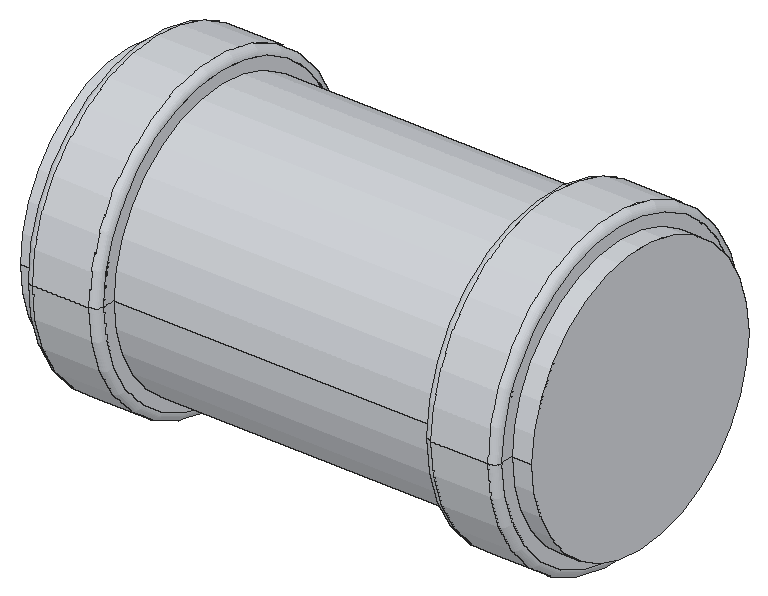
Revit family "RAUPIANO PLUS Slip-On Socket", category Pipe Fittings, Revit 2012
Parameters (values of type "Standard")
  tmin [instance] = size_lookup("RAUPIANO Pipe.csv", "tmin", 0 mm, Nominal Diameter)  # 42.3 mm
  re [instance] = de / 2  # 20 mm
  de [instance] = size_lookup("RAUPIANO Pipe.csv", "de", 0 mm, Nominal Diameter)  # 40 mm
  Type Comments = "RAU-PP; Push-fit; White"  # constant formula
  Thermal expansion coefficient [instance] = "0,09 mm/m.K"  # constant formula
  Temperature resistance [instance] = "90°C (continuous), 95°C (short term)"  # constant formula
  T8 = "DN 200"
  T7 = "DN 160"
  T6 = "DN 125"
  T5 = "DN 110"
  T4 = "DN 90"
  T3 = "DN 75"
  T2 = "DN 50"
  T1 = "DN 40"
  Spec Text [instance] = if(D = 40 mm, T1, if(D = 50 mm, T2, if(D = 75 mm, T3, if(D = 90 mm, T4, if(D = 110 mm, T5, if(D = 125 mm, T6, if(D = 160 mm, T7, if(D = 200 mm, T8, Fail))))))))  # "DN 40"
  Pressure resistance [instance] = "1 bar (100 kPa, 10m)"  # constant formula
  Materialcode SAP [instance] = if(D = 40 mm, M1, if(D = 50 mm, M2, if(D = 75 mm, M3, if(D = 90 mm, M4, if(D = 110 mm, M5, if(D = 125 mm, M6, if(D = 160 mm, M7, if(D = 200 mm, M8, Fail))))))))  # "11231541001"
  Manufacturer = "REHAU"  # constant formula
  M8 = "11237941001"
  M7 = "11240481001"
  M6 = "11204641001"
  M5 = "11215141001"
  M4 = "11233541001"
  M3 = "11215741001"
  M2 = "11215041001"
  M1 = "11231541001"
  L [instance] = size_lookup("RAUPIANO Double Socket.csv", "Lgt", 0 mm, Nominal Diameter)  # 89 mm
  Health and environmental impact [instance] = "Halogen-free (no F, Cl, Br, J) and 100% recyclable"  # constant formula
  Fire load [instance] = "14.992 kJ/kg"  # constant formula
  Fire behaviour [instance] = "B2 (DIN 4102); D,S3-d0 (EN 13501-1)"  # constant formula
  Fail = "No article found"
  Description = "REHAU RAUPIANO PLUS slip-on socket"  # constant formula
  D [instance] = Nominal Diameter  # 40 mm
  Class [instance] = "SN4"  # constant formula
  Chemical resistance [instance] = "pH 2 - 12"  # constant formula
  Belt thickness [instance] = ((Dmax / 2) - Sleeve Radius)  # 3.5 mm
  bmin [instance] = size_lookup("RAUPIANO Pipe.csv", "bmin", 0 mm, Nominal Diameter)  # 3.5 mm
  Sleeve Radius [instance] = (Dmax + de) / 4  # 23.5 mm
  Nominal Radius [instance] = 20 mm
  Nominal Diameter [instance] = Nominal Radius * 2  # 40 mm
  Loss Method = K Coefficient from Table
  built-in parameter 1114236 = (empty or 0)
  K Coefficient Table = "Reducer/Coupling/Union/Increaser"
  Dmax [instance] = size_lookup("RAUPIANO Pipe.csv", "Dmax", 0 mm, Nominal Diameter)  # 54 mm
  Belt Radius [instance] = ((Dmax / 2) - Sleeve Radius) / 2.5  # 1.4 mm
  Belt Length [instance] = 3 / 10 * tmin  # 12.69 mm
  Article No [instance] = if(D = 40 mm, A1, if(D = 50 mm, A2, if(D = 75 mm, A3, if(D = 90 mm, A4, if(D = 110 mm, A5, if(D = 125 mm, A6, if(D = 160 mm, A7, if(D = 200 mm, A8, Fail))))))))  # "123154-001"
  Application [instance] = "Not to be exposed to UV-radiation"  # constant formula
  Acoustic properties [instance] = "Rw + Ctr 42 (with industry standard suspended ceiling)"  # constant formula
  A8 = "123794-001"
  A7 = "124048-001"
  A6 = "120464-001"
  A5 = "121514-001"
  A4 = "123354-001"
  A3 = "121574-001"
  A2 = "121504-001"
  A1 = "123154-001"
Reference planes
  plane 1 "Center (Front/Back)": y = 0
  plane 2: z = 0
  plane 3 "Center (Left/Right)": x = 0
  plane 4: x = -44.5
  plane 5: x = 44.5
  plane 6: x = -41
  plane 7: x = 41
  plane 8: x = -28.31
  plane 9: x = 28.31
  plane 10: y = 23.5
  plane 11: y = -23.5
Forms (mm)
  Revolve 1, solid, detail levels fine
    sketch origin (75.4, 0, 0) x (1, 0, 0) y (0, 1, 0)
      loop
        line (-47.09, -23.5) -> (-47.09, -25.6)
        arc (-47.09, -25.6) -> (-46.68, -26.59) -> (-45.69, -27) r 1.4
        line (-45.69, -27) -> (-35.8, -27)
        arc (-35.8, -27) -> (-34.81, -26.59) -> (-34.4, -25.6) r 1.4
        line (-34.4, -25.6) -> (-34.4, -23.5) -> (-47.09, -23.5)
      axis (-34.4, 0) -> (-47.09, 0)
    angle from 0 to 360
  Sweep 2, solid, detail levels fine
    path in 3D
      loop
        line (44.5, 0, 0) -> (-44.5, 0, 0)
    profile origin (0, 0, 0) x (0, -1, 0) y (0, 0, 1)
      loop
        circle (0, 0) r 23.5
  Revolve 3, solid, detail levels fine
    sketch origin (-75.4, 0, 0) x (-1, 0, 0) y (0, 1, 0)
      loop
        line (-47.09, -23.5) -> (-47.09, -25.6)
        arc (-47.09, -25.6) -> (-46.68, -26.59) -> (-45.69, -27) r 1.4
        line (-45.69, -27) -> (-35.8, -27)
        arc (-35.8, -27) -> (-34.81, -26.59) -> (-34.4, -25.6) r 1.4
        line (-34.4, -25.6) -> (-34.4, -23.5) -> (-47.09, -23.5)
      axis (-34.4, 0) -> (-47.09, 0)
    angle from 0 to 360
Lines and regions (mm)
  model lines, style "PipeFitting", detail levels coarse+medium
    curve 1: line (44.5, 0, 0) -> (0, 0, 0)
    curve 5: line (-44.5, 0, 0) -> (0, 0, 0)
  model lines, detail levels coarse+medium
    curve 2: line (44.5, 20, 0) -> (44.5, 0, 0)
    curve 3: line (44.5, 0, 0) -> (44.5, -20, 0)
    curve 6: line (-44.5, 20, 0) -> (-44.5, 0, 0)
    curve 7: line (-44.5, 0, 0) -> (-44.5, -20, 0)
  reference lines
    curve 4: line (44.5, 0, 0) -> (-44.5, 0, 0)
  sketch lines
    curve 8: line (44.5, 0, 0) -> (-44.5, 0, 0)
  model lines, style "Symbol", detail levels coarse+medium
    curve 9: line (-44.5, 0, 20) -> (-44.5, 0, -20)
    curve 10: line (44.5, 0, 20) -> (44.5, 0, -20)
Dimensions and locks
  "Belt thickness": Revolve 1 sketch curve to Revolve 1 sketch curve
  "Belt thickness": Revolve 3 sketch curve to Revolve 3 sketch curve
  "Belt Length": plane 6 to plane 8
  "Belt Length": plane 9 to plane 7
  "Belt thickness": plane 4 to plane 6
  "Belt thickness": plane 7 to plane 5
  "L": plane 4 to plane 5
  equal spacing: plane 4, plane 3 "Center (Left/Right)", plane 5
  equal spacing: plane 11, plane 1 "Center (Front/Back)", plane 10
  "Sleeve Radius": plane 1 "Center (Front/Back)" to plane 10
  "Nominal Radius": curve 2 to curve 2
  "Nominal Radius": curve 3 to curve 3
  "Nominal Radius": curve 7 to curve 7
  "Nominal Radius": curve 6 to curve 6
  equal spacing: curve 9, level, curve 9
  "Nominal Radius": curve 9 to level
  equal spacing: curve 10, level, curve 10
  "Nominal Radius": curve 10 to level
  "Belt Radius": radius of Revolve 1 sketch curve  (x2)
  "Sleeve Radius": radius of Sweep 2 sketch curve
  "Belt Radius": radius of Revolve 3 sketch curve  (x2)
  aligned and locked: Revolve 1 sketch curve to Revolve 1 sketch curve
  aligned and locked: Revolve 3 sketch curve to Revolve 3 sketch curve
  aligned and locked: curve 2 to plane 5
  aligned and locked: curve 3 to plane 5
  aligned and locked: plane 4 to curve 7
  aligned and locked: plane 4 to curve 6
  aligned and locked: Revolve 3 to plane 8
  aligned and locked: plane 9 to Revolve 1
  aligned and locked: plane 4 to curve 4
  aligned and locked: plane 4 to Sweep 2
  aligned and locked: plane 11 to Revolve 3 sketch curve  (x2)
  aligned and locked: Revolve 3 sketch curve to plane 6
  aligned and locked: plane 8 to Revolve 3 sketch curve  (x2)
  aligned and locked: plane 6 to Revolve 3 sketch curve
  aligned and locked: Revolve 1 sketch curve to plane 11
  aligned and locked: plane 9 to Revolve 1 sketch curve
  aligned and locked: plane 7 to Revolve 1 sketch curve
  aligned and locked: plane 11 to Revolve 1 sketch curve
  aligned and locked: curve 4 to plane 1 "Center (Front/Back)"
  aligned and locked: plane 4 to curve 9
  aligned and locked: curve 10 to plane 5
Automatic sketch dimensions
  plane 1 "Center (Front/Back)" to curve 5 = 0 mm
  curve 5 to plane 3 "Center (Left/Right)" = 0 mm
  plane 1 "Center (Front/Back)" to Revolve 1 sketch curve = 0 mm
  Revolve 1 sketch curve to Revolve 1 sketch curve = 1529.25 mm
  Sweep 2 sketch curve to profile plane = 0 mm  (x2)
  plane 1 "Center (Front/Back)" to Revolve 3 sketch curve = 0 mm
  Revolve 3 sketch curve to Revolve 3 sketch curve = 1529.25 mm
  curve 4 to plane 5 = 0 mm
  Revolve 3 sketch curve to plane 5 = 1383.571 mm
  plane 4 to Revolve 1 sketch curve = 1383.571 mm
Connectors
  piping at (-44.5, 0, 0), driven by "Nominal Radius"
    settings: on Sweep 2, index 1, connector radius 20 mm, flow factor 0, pipe flow 0.0 L/s, pressure drop 0.0 Pa, fitting loss kfactor 0, connector angle 0.00°, fixture units 0, engagement length 0 mm, flow configuration 0, flow direction 0, fitting loss method 0, system type 28, joint type 0, gender type 0, connector reference index 2, connector utility 0, adjustable connector no, is connector primary yes, fitting loss table "", connector description ""
  piping at (44.5, 0, 0), driven by "Nominal Radius"
    settings: on Sweep 2, index 2, connector radius 20 mm, flow factor 0, pipe flow 0.0 L/s, pressure drop 0.0 Pa, fitting loss kfactor 0, connector angle 0.00°, fixture units 0, engagement length 0 mm, flow configuration 0, flow direction 0, fitting loss method 0, system type 28, joint type 0, gender type 0, connector reference index 1, connector utility 0, adjustable connector no, is connector primary no, fitting loss table "", connector description ""
